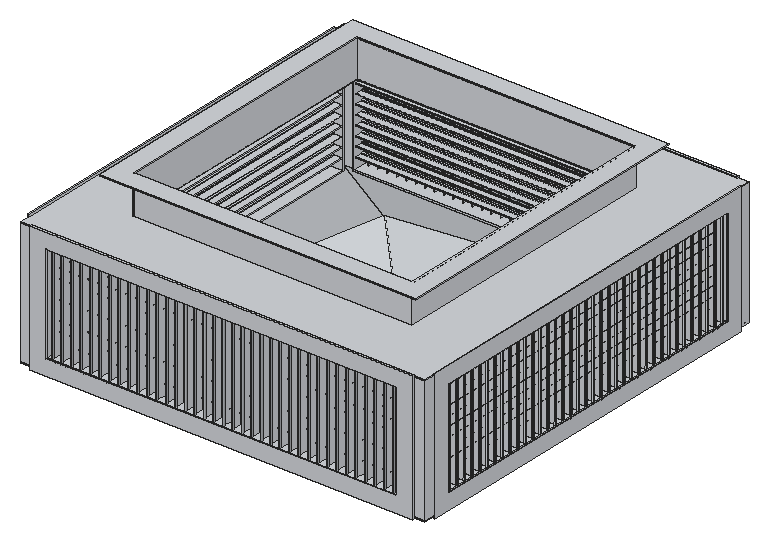
Revit family "LPD", category Mechanical Equipment, Revit 2015
Parameters (values of type "LPD-2808-10 (4000 cfm)")
  URL = "https://unitedenertech.com/catalog/pdf/H_7%20LPD.pdf"
  Type Comments = "Consult Factory for Max. Sizes"
  T = 1' - 10"
  Model = "LPD"
  Manufacturer = "United Enertech Corporation"
  Grille Length = 2' - 4"
  Grille Height = 0' - 8"
  F = 0' - 10"
  Description = "Low Profile Plenum Diffuser"
  B = 2' - 8"
Types (10): name | T | Grille Length | Grille Height | F | B
  (no name) | 1' - 10" | 2' - 4" | 0' - 8" | 0' - 10" | 2' - 8"
  LPD-1806-5 (2000 cfm) | 1' - 2" | 1' - 6" | 0' - 6" | 0' - 8" | 1' - 10"
  LPD-2206-6 (2400 cfm) | 1' - 4" | 1' - 10" | 0' - 6" | 0' - 8" | 2' - 2"
  LPD-2606-7.5 (3000 cfm) | 1' - 8" | 2' - 2" | 0' - 6" | 0' - 8" | 2' - 6"
  LPD-2608-8.5 (3400 cfm) | 1' - 8" | 2' - 2" | 0' - 8" | 0' - 10" | 2' - 6"
  LPD-2808-10 (4000 cfm) | 1' - 10" | 2' - 4" | 0' - 8" | 0' - 10" | 2' - 8"
  LPD-3008-12.5 (5000 cfm) | 2' - 0" | 2' - 6" | 0' - 8" | 0' - 10" | 2' - 10"
  LPD-3408-15 (6000 cfm) | 2' - 4" | 2' - 10" | 0' - 8" | 0' - 10" | 3' - 2"
  LPD-4410-20 (8000 cfm) | 2' - 6" | 3' - 8" | 0' - 10" | 1' - 0" | 4' - 0"
  LPD-4810-25 (10000 cfm) | 3' - 0" | 4' - 0" | 0' - 10" | 1' - 0" | 4' - 4"
Reference planes (in)
  plane 1 "Center (Front/Back)": y = 0
  plane 2: z = 0
  plane 3 "Center (Left/Right)": x = 0
  plane 4: x = -11
  plane 5: y = -11
  plane 6: x = 11
  plane 7: y = 11
  plane 8: x = -12.5
  plane 9: y = -12.5
  plane 10: x = 12.5
  plane 11: y = 12.5
  plane 12: y = -16
  plane 13: x = -16
  plane 14: x = 16
  plane 15: y = 16
  plane 16: y = 15.9522
  plane 17: x = -15.9522
  plane 18: y = -15.9522
  plane 19: x = 15.9522
  plane 20: x = -11.0478
  plane 21: y = 11.0478
  plane 22: y = -11.0478
  plane 23: x = 11.0478
  plane 24: z = 10
  plane 25: z = 9.9522
  plane 26: z = 0.0478
  plane 27: z = 13
  plane 28: z = 12.9522
  plane 29: z = 5
  plane 30: z = 9
  plane 31: z = 1
  plane 32: x = -14
  plane 33: x = 14
  plane 34: y = 14
  plane 35: y = -14
  plane 36: y = 0.0625
  plane 37: x = -0.0625
  plane 38: y = -0.0625
  plane 39: x = 0.0625
Forms (in)
  Extrusion 1, solid
    sketch origin (0, 0, 0) x (1, 0, 0) y (0, 1, 0)
      loop
        line (-12.5, 12.5) -> (-12.5, -12.5) -> (12.5, -12.5) -> (12.5, 12.5) -> (-12.5, 12.5)
      loop
        line (-11, -11) -> (11, -11) -> (11, 11) -> (-11, 11) -> (-11, -11)
    from 12.9522 to 13
  Extrusion 2, solid
    sketch origin (0, 0, 0) x (1, 0, 0) y (0, 1, 0)
      loop
        line (-11.0478, -11.0478) -> (11.0478, -11.0478) -> (11.0478, 11.0478) -> (-11.0478, 11.0478) -> (-11.0478, -11.0478)
      loop
        line (-11, -11) -> (11, -11) -> (11, 11) -> (-11, 11) -> (-11, -11)
    from 10 to 12.9522
  Extrusion 3, solid
    sketch origin (0, 0, 0) x (1, 0, 0) y (0, 1, 0)
      loop
        line (-11, -11) -> (11, -11) -> (11, 11) -> (-11, 11) -> (-11, -11)
      loop
        line (-16, -16) -> (16, -16) -> (16, 16) -> (-16, 16) -> (-16, -16)
    from 9.9522 to 10
  Extrusion 4, solid
    sketch origin (0, 0, 0) x (1, 0, 0) y (0, 1, 0)
      loop
        line (-16, -16) -> (16, -16) -> (16, 16) -> (-16, 16) -> (-16, -16)
    from 0 to 0.0478
  Extrusion 5, solid
    sketch origin (0, 0, 0) x (1, 0, 0) y (0, 1, 0)
      loop
        line (-16, -16) -> (16, -16) -> (16, 16) -> (-16, 16) -> (-16, -16)
      loop
        line (-15.9522, -15.9522) -> (15.9522, -15.9522) -> (15.9522, 15.9522) -> (-15.9522, 15.9522) -> (-15.9522, -15.9522)
    from 0.0478 to 9.9522
  Extrusion 6, void
    sketch origin (0, 0, 0) x (1, 0, 0) y (0, 0, 1)
      loop
        line (-14, 9) -> (-14, 1) -> (14, 1) -> (14, 9) -> (-14, 9)
    from -16 to 16
  Extrusion 7, void
    sketch origin (0, 0, 0) x (0, 1, 0) y (0, 0, 1)
      loop
        line (14, 1) -> (14, 9) -> (-14, 9) -> (-14, 1) -> (14, 1)
    from -16 to 16
  Blend 8, solid
    base sketch origin (0, 0, 0) x (1, 0, 0) y (0, 1, 0)
      loop
        line (-15.9522, -15.9522) -> (15.9522, -15.9522) -> (15.9522, 15.9522) -> (-15.9522, 15.9522) -> (-15.9522, -15.9522)
    top sketch origin (0, 0, 0) x (1, 0, 0) y (0, 1, 0)
      loop
        line (-0.0625, -0.0625) -> (0.0625, -0.0625) -> (0.0625, 0.0625) -> (-0.0625, 0.0625) -> (-0.0625, -0.0625)
    from 0.0478 to 9
Cuts and joins
  Extrusion 6, Extrusion 7 cuts Extrusion 5
Dimensions and locks (in)
  equal spacing: plane 4, plane 3 "Center (Left/Right)", plane 6
  "T": plane 4 to plane 6
  equal spacing: plane 7, plane 1 "Center (Front/Back)", plane 5
  "T": plane 7 to plane 5
  locked: plane 11 to plane 7 at 1.5
  locked: plane 5 to plane 9 at 1.5
  locked: plane 6 to plane 10 at 1.5
  locked: plane 8 to plane 4 at 1.5
  equal spacing: plane 15, plane 1 "Center (Front/Back)", plane 12
  "B": plane 15 to plane 12
  equal spacing: plane 13, plane 3 "Center (Left/Right)", plane 14
  "B": plane 13 to plane 14
  locked: plane 12 to plane 18 at 0.0478
  locked: plane 15 to plane 16 at 0.0478
  locked: plane 19 to plane 14 at 0.0478
  locked: plane 13 to plane 17 at 0.0478
  locked: plane 20 to plane 4 at 0.0478
  locked: plane 6 to plane 23 at 0.0478
  locked: plane 21 to plane 7 at 0.0478
  locked: plane 22 to plane 5 at 0.0478
  "F": plane 24 to level
  locked: plane 24 to plane 25 at 0.0478
  locked: plane 26 to level at 0.0478
  locked: plane 27 to plane 28 at 0.0478
  locked: plane 27 to plane 24 at 3
  equal spacing: plane 24, plane 29, level
  equal spacing: plane 30, plane 29, plane 31
  "Grille Height": plane 30 to plane 31
  equal spacing: plane 32, plane 3 "Center (Left/Right)", plane 33
  "Grille Length": plane 32 to plane 33
  equal spacing: plane 34, plane 1 "Center (Front/Back)", plane 35
  "Grille Length": plane 34 to plane 35
  locked: plane 1 "Center (Front/Back)" to plane 36 at 0.0625
  locked: plane 1 "Center (Front/Back)" to plane 38 at 0.0625
  locked: plane 37 to plane 3 "Center (Left/Right)" at 0.0625
  locked: plane 3 "Center (Left/Right)" to plane 39 at 0.0625
  aligned and locked: level to plane 2
  aligned and locked: plane 8 to Extrusion 1 sketch curve
  aligned and locked: plane 11 to Extrusion 1 sketch curve
  aligned and locked: plane 10 to Extrusion 1 sketch curve
  aligned and locked: plane 9 to Extrusion 1 sketch curve
  aligned and locked: Extrusion 1 sketch curve to plane 4
  aligned and locked: plane 7 to Extrusion 1 sketch curve
  aligned and locked: Extrusion 1 sketch curve to plane 5
  aligned and locked: Extrusion 1 sketch curve to plane 6
  aligned and locked: plane 27 to Extrusion 1
  aligned and locked: Extrusion 1 to plane 28
  aligned and locked: plane 20 to Extrusion 2 sketch curve
  aligned and locked: plane 21 to Extrusion 2 sketch curve
  aligned and locked: plane 23 to Extrusion 2 sketch curve
  aligned and locked: plane 22 to Extrusion 2 sketch curve
  aligned and locked: Extrusion 2 sketch curve to plane 5
  aligned and locked: Extrusion 2 sketch curve to plane 6
  aligned and locked: Extrusion 2 sketch curve to plane 4
  aligned and locked: plane 7 to Extrusion 2 sketch curve
  aligned and locked: plane 28 to Extrusion 2
  aligned and locked: Extrusion 2 to plane 24
  aligned and locked: Extrusion 3 sketch curve to plane 4
  aligned and locked: Extrusion 3 sketch curve to plane 5
  aligned and locked: Extrusion 3 sketch curve to plane 6
  aligned and locked: plane 7 to Extrusion 3 sketch curve
  aligned and locked: Extrusion 3 sketch curve to plane 15
  aligned and locked: Extrusion 3 sketch curve to plane 13
  aligned and locked: Extrusion 3 sketch curve to plane 12
  aligned and locked: Extrusion 3 sketch curve to plane 14
  aligned and locked: plane 24 to Extrusion 3
  aligned and locked: Extrusion 3 to plane 25
  aligned and locked: Extrusion 4 sketch curve to plane 13
  aligned and locked: Extrusion 4 sketch curve to plane 12
  aligned and locked: Extrusion 4 sketch curve to plane 15
  aligned and locked: Extrusion 4 sketch curve to plane 14
  aligned and locked: plane 26 to Extrusion 4
  aligned and locked: Extrusion 4 to level
  aligned and locked: Extrusion 5 sketch curve to plane 13
  aligned and locked: Extrusion 5 sketch curve to plane 15
  aligned and locked: Extrusion 5 sketch curve to plane 17
  aligned and locked: plane 16 to Extrusion 5 sketch curve
  aligned and locked: Extrusion 5 sketch curve to plane 14
  aligned and locked: Extrusion 5 sketch curve to plane 19
  aligned and locked: plane 18 to Extrusion 5 sketch curve
  aligned and locked: Extrusion 5 sketch curve to plane 12
  aligned and locked: plane 25 to Extrusion 5
  aligned and locked: Extrusion 5 to plane 26
  aligned and locked: plane 31 to Extrusion 6 sketch curve
  aligned and locked: Extrusion 6 sketch curve to plane 30
  aligned and locked: Extrusion 6 sketch curve to plane 32
  aligned and locked: plane 33 to Extrusion 6 sketch curve
  aligned and locked: Extrusion 6 to plane 12
  aligned and locked: Extrusion 6 to plane 15
  aligned and locked: plane 30 to Extrusion 7 sketch curve
  aligned and locked: Extrusion 7 sketch curve to plane 31
  aligned and locked: plane 34 to Extrusion 7 sketch curve
  aligned and locked: Extrusion 7 sketch curve to plane 35
  aligned and locked: Extrusion 7 to plane 13
  aligned and locked: Extrusion 7 to plane 14
  aligned and locked: Blend 8 sketch curve to plane 17
  aligned and locked: plane 18 to Blend 8 sketch curve
  aligned and locked: Blend 8 sketch curve to plane 19
  aligned and locked: plane 16 to Blend 8 sketch curve
  aligned and locked: Blend 8 sketch curve to plane 37
  aligned and locked: Blend 8 sketch curve to plane 36
  aligned and locked: Blend 8 sketch curve to plane 39
  aligned and locked: Blend 8 sketch curve to plane 38
  aligned and locked: Blend 8 to plane 26
  aligned and locked: plane 30 to Blend 8
  aligned and locked: plane 3 "Center (Left/Right)" to nested 1
  aligned and locked: plane 12 to nested 1
  aligned and locked: plane 29 to nested 1
  aligned and locked: nested 2 to plane 3 "Center (Left/Right)"
  aligned and locked: plane 1 "Center (Front/Back)" to nested 3
  aligned and locked: nested 4 to plane 1 "Center (Front/Back)"
  aligned and locked: plane 13 to nested 3
  aligned and locked: nested 4 to plane 14
  aligned and locked: nested 2 to plane 15
  aligned and locked: nested 2 to plane 29
  aligned and locked: nested 4 to plane 29
  aligned and locked: plane 29 to nested 3
Nested families (in)
  nested 1: "Double Diffuser Grille" at (0, -14.375, 4.975), type "Double Diffuser Grille"
    with Vert. Spacing 0' - 0 3/4", Vert. Number 19, Vert. Blade Height 0' - 7 5/8", Horiz. Spacing 0' - 0 3/4", Horiz. Number 5, Horiz. Blade Width 2' - 3 5/8", Grille Width 2' - 4", Grille Height 0' - 8"
  nested 2: "Double Diffuser Grille" at (0, 14.375, 4.975), type "Double Diffuser Grille"
    with Vert. Spacing 0' - 0 3/4", Vert. Number 19, Vert. Blade Height 0' - 7 5/8", Horiz. Spacing 0' - 0 3/4", Horiz. Number 5, Horiz. Blade Width 2' - 3 5/8", Grille Width 2' - 4", Grille Height 0' - 8"
  nested 3: "Double Diffuser Grille" at (-14.375, 0, 4.975) x (0, -1, 0) z (0, 0, 1), type "Double Diffuser Grille"
    with Vert. Spacing 0' - 0 3/4", Vert. Number 19, Vert. Blade Height 0' - 7 5/8", Horiz. Spacing 0' - 0 3/4", Horiz. Number 5, Horiz. Blade Width 2' - 3 5/8", Grille Width 2' - 4", Grille Height 0' - 8"
  nested 4: "Double Diffuser Grille" at (14.375, 0, 4.975) x (0, -1, 0) z (0, 0, 1), type "Double Diffuser Grille"
    with Vert. Spacing 0' - 0 3/4", Vert. Number 19, Vert. Blade Height 0' - 7 5/8", Horiz. Spacing 0' - 0 3/4", Horiz. Number 5, Horiz. Blade Width 2' - 3 5/8", Grille Width 2' - 4", Grille Height 0' - 8"
Definition of nested family "Double Diffuser Grille"
  Parameters (values of type "Double Diffuser Grille")
    Vert. Spacing [instance] = 0' - 0 3/4"
    Vert. Number [instance] = ((Grille Width - 0' 0 1/4") / 0' 0 3/4") / 2  # 12
    Vert. Blade Height [instance] = Grille Height - 0' 0 3/8"  # 0' - 5 5/8"
    Horiz. Spacing [instance] = 0' - 0 3/4"
    Horiz. Number [instance] = ((Grille Height - 0' 0 1/4") / 0' 0 3/4") / 2  # 4
    Horiz. Blade Width [instance] = Grille Width - 0' 0 3/8"  # 1' - 5 5/8"
    Grille Width = 1' - 6"
    Grille Height = 0' - 6"
  Reference planes (in)
    plane 1 "Center (Front/Back)": y = 0
    plane 2: z = 0
    plane 3 "Center (Left/Right)": x = 0
    plane 4: y = -1.75
    plane 5: y = -1.625
    plane 6: x = -9
    plane 7: x = 9
    plane 8: z = -3
    plane 9: z = 3
    plane 10: x = -8.875
    plane 11: z = 2.875
    plane 12: z = -2.875
    plane 13: x = 8.875
    plane 14: x = 10.125
    plane 15: z = -4.125
    plane 16: z = 4.125
    plane 17: x = -10.125
    plane 18: y = -0.8125
  Forms (in)
    Extrusion 1, solid
      sketch origin (0, 0, 0) x (1, 0, 0) y (0, 0, 1)
        loop
          line (-9, -3) -> (9, -3) -> (9, 3) -> (-9, 3) -> (-9, -3)
        loop
          line (-8.875, -2.875) -> (8.875, -2.875) -> (8.875, 2.875) -> (-8.875, 2.875) -> (-8.875, -2.875)
      from 0 to 1.625
    Extrusion 2, solid
      sketch origin (0, 0, 0) x (1, 0, 0) y (0, 0, 1)
        loop
          line (-10.125, -4.125) -> (10.125, -4.125) -> (10.125, 4.125) -> (-10.125, 4.125) -> (-10.125, -4.125)
        loop
          line (-8.875, -2.875) -> (8.875, -2.875) -> (8.875, 2.875) -> (-8.875, 2.875) -> (-8.875, -2.875)
      from 1.625 to 1.75
  Dimensions and locks (in)
    locked: plane 5 to plane 4 at 0.125
    locked: plane 1 "Center (Front/Back)" to plane 5 at 1.625
    equal spacing: plane 9, level, plane 8
    "Grille Height": plane 9 to plane 8
    equal spacing: plane 6, plane 3 "Center (Left/Right)", plane 7
    "Grille Width": plane 6 to plane 7
    locked: plane 9 to plane 11 at 0.125
    locked: plane 12 to plane 8 at 0.125
    locked: plane 6 to plane 10 at 0.125
    locked: plane 7 to plane 13 at 0.125
    locked: plane 16 to plane 9 at 1.125
    locked: plane 8 to plane 15 at 1.125
    locked: plane 6 to plane 17 at 1.125
    locked: plane 14 to plane 7 at 1.125
    locked: plane 1 "Center (Front/Back)" to plane 18 at 0.8125
    equal spacing: group 1, group 2, group 4, group 5, group 6, group 7, group 8, group 9, group 10, group 11, group 12, group 13  (x3)
    "Vert. Spacing": nested 1 to nested 3
    equal spacing: group 23, group 22, group 21, group 20, group 19, group 18, group 17, group 16, group 15, group 14, group 3, group 1
    equal spacing: group 1, group 3, group 14, group 15, group 16, group 17, group 18, group 19, group 20, group 21, group 22, group 23  (x2)
    "Vert. Spacing": nested 4 to nested 1
    equal spacing: group 24, group 25, group 27, group 28  (x3)
    "Horiz. Spacing": nested 25 to nested 2
    equal spacing: group 24, group 26, group 29, group 30  (x2)
    equal spacing: group 30, group 29, group 26, group 24
    "Horiz. Spacing": nested 2 to nested 26
    aligned and locked: level to plane 2
    aligned and locked: plane 6 to Extrusion 1 sketch curve
    aligned and locked: plane 9 to Extrusion 1 sketch curve
    aligned and locked: Extrusion 1 sketch curve to plane 8
    aligned and locked: plane 7 to Extrusion 1 sketch curve
    aligned and locked: plane 13 to Extrusion 1 sketch curve
    aligned and locked: plane 12 to Extrusion 1 sketch curve
    aligned and locked: plane 10 to Extrusion 1 sketch curve
    aligned and locked: plane 11 to Extrusion 1 sketch curve
    aligned and locked: Extrusion 1 to plane 1 "Center (Front/Back)"
    aligned and locked: Extrusion 1 to plane 5
    aligned and locked: Extrusion 2 sketch curve to plane 17
    aligned and locked: plane 16 to Extrusion 2 sketch curve
    aligned and locked: Extrusion 2 sketch curve to plane 14
    aligned and locked: plane 15 to Extrusion 2 sketch curve
    aligned and locked: plane 12 to Extrusion 2 sketch curve
    aligned and locked: plane 13 to Extrusion 2 sketch curve
    aligned and locked: plane 11 to Extrusion 2 sketch curve
    aligned and locked: plane 10 to Extrusion 2 sketch curve
    aligned and locked: plane 5 to Extrusion 2
    aligned and locked: Extrusion 2 to plane 4
    aligned and locked: nested 1 to plane 5
    aligned and locked: nested 1 to plane 3 "Center (Left/Right)"
    aligned and locked: nested 2 to plane 18
    aligned and locked: plane 3 "Center (Left/Right)" to nested 2
  Nested families (in)
    nested 1: "Vertical Blade" at (-0.08237, -1.625, 0), type "Vertical Blade"
      with H 0' - 5 5/8"
    nested 2: "Horizontal Blade" at (0, -0.8125, 0), type "Horizontal Blade"
      with L 1' - 5 5/8"
    nested 3: "Vertical Blade" at (0.66763, -1.625, 0), type "Vertical Blade"
      with H 0' - 5 5/8"
    nested 4: "Vertical Blade" at (-0.83237, -1.625, 0), type "Vertical Blade"
      with H 0' - 5 5/8"
    nested 5: "Vertical Blade" at (1.41763, -1.625, 0), type "Vertical Blade"
      with H 0' - 5 5/8"
    nested 6: "Vertical Blade" at (2.16763, -1.625, 0), type "Vertical Blade"
      with H 0' - 5 5/8"
    nested 7: "Vertical Blade" at (2.91763, -1.625, 0), type "Vertical Blade"
      with H 0' - 5 5/8"
    nested 8: "Vertical Blade" at (3.66763, -1.625, 0), type "Vertical Blade"
      with H 0' - 5 5/8"
    nested 9: "Vertical Blade" at (4.41763, -1.625, 0), type "Vertical Blade"
      with H 0' - 5 5/8"
    nested 10: "Vertical Blade" at (5.16763, -1.625, 0), type "Vertical Blade"
      with H 0' - 5 5/8"
    nested 11: "Vertical Blade" at (5.91763, -1.625, 0), type "Vertical Blade"
      with H 0' - 5 5/8"
    nested 12: "Vertical Blade" at (6.66763, -1.625, 0), type "Vertical Blade"
      with H 0' - 5 5/8"
    nested 13: "Vertical Blade" at (7.41763, -1.625, 0), type "Vertical Blade"
      with H 0' - 5 5/8"
    nested 14: "Vertical Blade" at (8.16763, -1.625, 0), type "Vertical Blade"
      with H 0' - 5 5/8"
    nested 15: "Vertical Blade" at (-1.58237, -1.625, 0), type "Vertical Blade"
      with H 0' - 5 5/8"
    nested 16: "Vertical Blade" at (-2.33237, -1.625, 0), type "Vertical Blade"
      with H 0' - 5 5/8"
    nested 17: "Vertical Blade" at (-3.08237, -1.625, 0), type "Vertical Blade"
      with H 0' - 5 5/8"
    nested 18: "Vertical Blade" at (-3.83237, -1.625, 0), type "Vertical Blade"
      with H 0' - 5 5/8"
    nested 19: "Vertical Blade" at (-4.58237, -1.625, 0), type "Vertical Blade"
      with H 0' - 5 5/8"
    nested 20: "Vertical Blade" at (-5.33237, -1.625, 0), type "Vertical Blade"
      with H 0' - 5 5/8"
    nested 21: "Vertical Blade" at (-6.08237, -1.625, 0), type "Vertical Blade"
      with H 0' - 5 5/8"
    nested 22: "Vertical Blade" at (-6.83237, -1.625, 0), type "Vertical Blade"
      with H 0' - 5 5/8"
    nested 23: "Vertical Blade" at (-7.58237, -1.625, 0), type "Vertical Blade"
      with H 0' - 5 5/8"
    nested 24: "Vertical Blade" at (-8.33237, -1.625, 0), type "Vertical Blade"
      with H 0' - 5 5/8"
    nested 25: "Horizontal Blade" at (0, -0.8125, 0.75), type "Horizontal Blade"
      with L 1' - 5 5/8"
    nested 26: "Horizontal Blade" at (0, -0.8125, -0.75), type "Horizontal Blade"
      with L 1' - 5 5/8"
    nested 27: "Horizontal Blade" at (0, -0.8125, 1.5), type "Horizontal Blade"
      with L 1' - 5 5/8"
    nested 28: "Horizontal Blade" at (0, -0.8125, 2.25), type "Horizontal Blade"
      with L 1' - 5 5/8"
    nested 29: "Horizontal Blade" at (0, -0.8125, -1.5), type "Horizontal Blade"
      with L 1' - 5 5/8"
    nested 30: "Horizontal Blade" at (0, -0.8125, -2.25), type "Horizontal Blade"
      with L 1' - 5 5/8"
  Definition of nested family "Vertical Blade"
    Parameters (values of type "Vertical Blade")
      H = 2' - 0"
    Reference planes (in)
      plane 1 "Center (Front/Back)": y = 0
      plane 2: z = 0
      plane 3 "Center (Left/Right)": x = 0
      plane 4: z = 12
      plane 5: z = -12
    Forms (in)
      Extrusion 1, solid
        sketch origin (0, -0.05958, 0) x (1, 0, 0) y (0, 1, 0)
          loop
            arc (0.08237, 0.17216) -> (0.04492, 0.11716) -> (0.07825, 0.05958) r 0.0625
            line (0.07825, 0.05958) -> (0.1365, 0.05958)
            arc (0.1365, 0.05958) -> (0.16983, 0.11716) -> (0.13237, 0.17216) r 0.0625
            line (0.13237, 0.17216) -> (0.13237, 0.80238) -> (0.08237, 0.80238) -> (0.08237, 0.17216)
        from -12 to 12
    Dimensions and locks (in)
      equal spacing: plane 4, level, plane 5
      "H": plane 4 to plane 5
      aligned and locked: level to plane 2
      aligned and locked: plane 4 to Extrusion 1
      aligned and locked: Extrusion 1 to plane 5
    Automatic sketch dimensions
      Extrusion 1 sketch curve to Extrusion 1 sketch curve = 0' - 0"  (x2)
      plane 1 "Center (Front/Back)" to Extrusion 1 sketch curve = 0' - 0"
      plane 3 "Center (Left/Right)" to Extrusion 1 sketch curve = 0' - 0.07825"
      plane 3 "Center (Left/Right)" to Extrusion 1 sketch curve = 0' - 0.08237"
      Extrusion 1 sketch curve to Extrusion 1 sketch curve = 0' - 0.02912"
      Extrusion 1 sketch curve to Extrusion 1 sketch curve = 0' - 0.05"
      Extrusion 1 sketch curve to Extrusion 1 sketch curve = 0' - 0.05825"
      Extrusion 1 sketch curve to plane 1 "Center (Front/Back)" = 0' - 0.0553"
      Extrusion 1 sketch curve to Extrusion 1 sketch curve = 0' - 0.63022"
  Definition of nested family "Horizontal Blade"
    Parameters (values of type "Horizontal Blade")
      L = 3' - 0"
    Reference planes (in)
      plane 1 "Center (Front/Back)": y = 0
      plane 2: z = 0
      plane 3 "Center (Left/Right)": x = 0
      plane 4: x = -18
      plane 5: x = 18
    Forms (in)
      Extrusion 1, solid
        sketch origin (0.10737, -0.05958, -0.10737) x (0, 0, 1) y (0, 1, 0)
          loop
            arc (0.08237, 0.17216) -> (0.04492, 0.11716) -> (0.07825, 0.05958) r 0.0625
            line (0.07825, 0.05958) -> (0.1365, 0.05958)
            arc (0.1365, 0.05958) -> (0.16983, 0.11716) -> (0.13237, 0.17216) r 0.0625
            line (0.13237, 0.17216) -> (0.13237, 0.80238) -> (0.08237, 0.80238) -> (0.08237, 0.17216)
        from -17.89263 to 18.10737
    Dimensions and locks (in)
      equal spacing: plane 4, plane 3 "Center (Left/Right)", plane 5
      "L": plane 4 to plane 5
      aligned and locked: level to plane 2
      aligned and locked: plane 4 to Extrusion 1
      aligned and locked: plane 5 to Extrusion 1
    Automatic sketch dimensions
      Extrusion 1 sketch curve to Extrusion 1 sketch curve = 0' - 0"  (x2)
      Extrusion 1 sketch curve to plane 1 "Center (Front/Back)" = 0' - 0"
      Extrusion 1 sketch curve to level = 0' - 0"
      Extrusion 1 sketch curve to level = 0' - 0.025"
      Extrusion 1 sketch curve to level = 0' - 0.02912"
      level to Extrusion 1 sketch curve = 0' - 0.025"
      level to Extrusion 1 sketch curve = 0' - 0.02912"
      Extrusion 1 sketch curve to plane 1 "Center (Front/Back)" = 0' - 0.0553"
      Extrusion 1 sketch curve to Extrusion 1 sketch curve = 0' - 0.63022"
